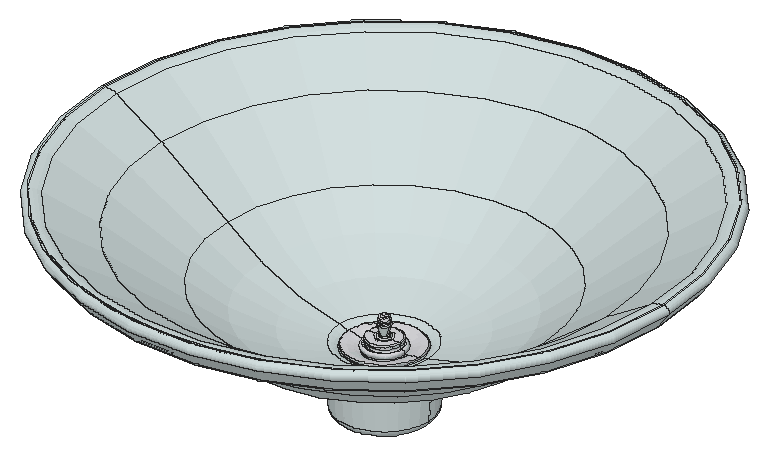
Revit family "Sink-Vessel-Lavatory-KOHLER-DERRING_CARILLON-K-17890BR_1", category Plumbing Fixtures, host Face, Revit 2017
Family settings
  Host = Face
  Round Connector Dimension = Use Diameter
  Part Type = Normal
  OmniClass Number = 23.31.13.00
  OmniClass Title = Sinks
  Cut with Voids When Loaded = No
  Shared = No
  Room Calculation Point = No
Parameters (values of type "K8-Translucent White")
  Width = 17 11/16"  # constant formula
  WaterSense Certified = 1 = 0  # no
  Waste Water Outlet = "Waste Water Outlet"  # constant formula
  Waste Connection = 1 = 1  # yes
  Vent Connection = 1 = 0  # no
  URL = "https://br.kohler.com/"
  Type = 1
  Product Page URL = "https://br.kohler.com/product-detail/17890br-rl?skuid=K-17890BR-RL-K8"
  Product Name = "DERRING CARILLON"  # constant formula
  Product Documentation Link = "http://resources.kohler.com/plumbing/kohlerbrazil/pdf/K-17890BR-RL_spec_br.pdf"
  Model = if(Type = 1, "K-17890BR-RL-K8", if(Type = 2, "K-17890BR-RL-RB2", "NA"))  # "K-17890BR-RL-K8"
  Material = "Vitreous China"  # constant formula
  Master Format 2014 Name = "Residential Lavatories and Sinks"  # constant formula
  Master Format 2014 = "22 41 16"  # constant formula
  Manufacturer Address = "Rio de Janeiro MULTIREPAROS RUA BATISTA DA COSTA, Nº 352 | STORE B\r\nRio de Janeiro\r\nSÃO GONÇALO\r\n24450-470"  # constant formula
  Manufacturer = "KOHLER Co."  # constant formula
  Length = 17 11/16"  # constant formula
  Hot Water Inlet = "Hot Water Inlet"  # constant formula
  Height = 6"  # constant formula
  HW Connection = 1 = 0  # no
  Finish = Kohler-Vitreous_China-K8-Translucent_White
  Environmental Product Declaration = ""
  Drain Included = 1 = 0  # no
  Description = "Oval overlay tub Ø449mm"  # constant formula
  Default Elevation = 36"
  Declare Label = ""
  Date Modified = "06/18/2021"  # constant formula
  Date Created = "06/18/2021"  # constant formula
  Copyright = "Copyright KOHLER Co."  # constant formula
  Contact Us = "https://br.kohler.com/asr-listing"
  Cold Water Inlet = "Cold Water Inlet"  # constant formula
  CW Connection = 1 = 0  # no
  Assembly Code = "D2010400"
  ADA Compliant = 1 = 0  # no
Reference planes (in)
  plane 1 "Center (Front/Back)": y = 0
  plane 2: z = 0
  plane 3 "Center (Left/Right)": x = 0
  plane 4: y = 8.84375
  plane 5: y = -8.84375
  plane 6: z = 0.75
  plane 7: x = -8.84375
  plane 8: x = 8.84375
  plane 9: z = -5.25
Forms (in)
  Extrusion 1, void
    sketch origin (0, 0, 0) x (1, 0, 0) y (0, 1, 0)
      loop
        circle (0, 0) r 8
    from -6.5513 to 0
Dimensions and locks (in)
  "Width": plane 7 to plane 8
  "Length": plane 4 to plane 5
  plane 6 to level = 3/4"
  "Height": plane 6 to plane 9
  aligned and locked: plane 2 to host face
  aligned and locked: level to host face
Automatic sketch dimensions
  host sketch curve to host sketch curve = 96"  (x2)
  plane 1 "Center (Front/Back)" to Extrusion 1 sketch curve = 0"
  Extrusion 1 sketch curve to plane 3 "Center (Left/Right)" = 0"
  radius of Extrusion 1 sketch curve = 8"
Nested families (in)
  nested 1: "K-17890BR" at (0, 0, -5.25), type "K-17890BR"
Connectors (in)
  piping at (0, 0, -5.25), diameter 1.5, driven by "Waste Connection", driven by "Waste Water Outlet"
    settings: on nested 1, index 1, connector inside diameter 24", connector length 0", flow factor 0, pipe flow 0 GPM, pressure drop 0.00 psi, fitting loss kfactor 0, connector angle 0.00°, fixture units 0, engagement length 0", angle of deflection 0.00°, flow configuration 0, flow direction 2, fitting loss method 0, system type 16, joint type 0, gender type 0, connector reference index -1, connector utility 1, adjustable connector no, is connector primary yes, connector description "Waste Water Outlet"
Definition of nested family "K-17890BR"
  Parameters (values of type "K-17890BR")
    Material = none
  Reference planes (in)
    plane 1 "Center (Front/Back)": y = 0
    plane 2: z = 0
    plane 3 "Center (Left/Right)": x = 0
    plane 4: y = 8.84375
    plane 5: y = -8.84375
    plane 6: x = -8.84375
    plane 7: x = 8.84375
    plane 8: z = 6
    plane 9: z = 5.25
    plane 10: z = 0
  Forms (in)
    Revolve 1, solid, material <- "Material", detail levels medium+fine
      sketch origin (0, 0, 0) x (1, 0, 0) y (0, 0, 1)
        loop
          line (-1.15439, 0) -> (-0.87514, 0) -> (-0.87514, 1.5577) -> (-1.12287, 1.80544)
          arc (-1.12287, 1.80544) -> (-1.24182, 1.89241) -> (-1.38155, 1.93922) r 0.48017
          arc (-1.38155, 1.93922) -> (-3.23618, 2.51892) -> (-4.87165, 3.5682) r 7.28614
          arc (-4.87165, 3.5682) -> (-5.86913, 4.35279) -> (-6.92283, 5.06007) r 16.84789
          arc (-6.92283, 5.06007) -> (-7.61804, 5.48628) -> (-8.31623, 5.90758) r 115.87003
          arc (-8.31623, 5.90758) -> (-8.47712, 5.97647) -> (-8.65054, 6) r 0.65087
          line (-8.65054, 6) -> (-8.68643, 6)
          arc (-8.68643, 6) -> (-8.82598, 5.91492) -> (-8.81427, 5.75191) r 0.15698
          line (-8.81427, 5.75191) -> (-8.53474, 5.35968)
          arc (-8.53474, 5.35968) -> (-8.49256, 5.32315) -> (-8.43833, 5.31) r 0.11839
          line (-8.43833, 5.31) -> (-8.40737, 5.31)
          arc (-8.40737, 5.31) -> (-8.36654, 5.30031) -> (-8.33442, 5.27331) r 0.09087
          arc (-8.33442, 5.27331) -> (-8.31402, 5.25615) -> (-8.28808, 5.25) r 0.05771
          line (-8.28808, 5.25) -> (-7.74182, 5.25)
          arc (-7.74182, 5.25) -> (-7.69945, 5.24273) -> (-7.66192, 5.22175) r 0.12714
          line (-7.66192, 5.22175) -> (-5.61604, 3.56862)
          arc (-5.61604, 3.56862) -> (-4.42031, 2.71325) -> (-3.13267, 2.00375) r 12.53702
          arc (-3.13267, 2.00375) -> (-2.42105, 1.72113) -> (-1.67808, 1.53596) r 5.7268
          arc (-1.67808, 1.53596) -> (-1.5319, 1.45536) -> (-1.46478, 1.30253) r 0.26019
          line (-1.46478, 1.30253) -> (-1.36794, 0.19568)
          arc (-1.36794, 0.19568) -> (-1.29921, 0.05632) -> (-1.15439, 0) r 0.21437
        axis (0, 6) -> (0, 0)
      angle from 0 to 360
    Revolve 2, solid, detail levels medium+fine
      sketch origin (0, 0, 0) x (1, 0, 0) y (0, 0, 1)
        loop
          line (-0.45518, 1.09574) -> (0, 1.09574) -> (0, 2.6628) -> (-0.11979, 2.6628)
          arc (-0.11979, 2.6628) -> (-0.13523, 2.65778) -> (-0.14478, 2.64464) r 0.02628
          line (-0.14478, 2.64464) -> (-0.16572, 2.58018)
          arc (-0.16572, 2.58018) -> (-0.16105, 2.54841) -> (-0.13293, 2.5329) r 0.03614
          line (-0.13293, 2.5329) -> (-0.13293, 2.49403) -> (-0.16558, 2.45512)
          arc (-0.16558, 2.45512) -> (-0.17281, 2.44029) -> (-0.17224, 2.4238) r 0.0341
          line (-0.17224, 2.4238) -> (-0.09251, 2.14576)
          arc (-0.09251, 2.14576) -> (-0.09636, 2.12498) -> (-0.11527, 2.11555) r 0.02368
          line (-0.11527, 2.11555) -> (-0.16649, 2.11555)
          arc (-0.16649, 2.11555) -> (-0.18284, 2.10857) -> (-0.18912, 2.09193) r 0.02265
          line (-0.18912, 2.09193) -> (-0.26403, 2.09193)
          arc (-0.26403, 2.09193) -> (-0.37379, 2.08963) -> (-0.48335, 2.08275) r 2.62413
          arc (-0.48335, 2.08275) -> (-0.49754, 2.07541) -> (-0.50236, 2.06017) r 0.02083
          line (-0.50236, 2.06017) -> (-0.49507, 1.97678)
          arc (-0.49507, 1.97678) -> (-0.46985, 1.94306) -> (-0.47987, 1.90217) r 0.04928
          line (-0.47987, 1.90217) -> (-0.53988, 1.90217)
          arc (-0.53988, 1.90217) -> (-0.60906, 1.833) -> (-0.53988, 1.76382) r 0.06917
          line (-0.53988, 1.76382) -> (-0.38329, 1.76382) -> (-0.38329, 1.12699) -> (-0.45518, 1.12699)
          arc (-0.45518, 1.12699) -> (-0.4714, 1.1333) -> (-0.4791, 1.14891) r 0.02401
          line (-0.4791, 1.14891) -> (-0.52025, 1.61922)
          arc (-0.52025, 1.61922) -> (-0.5348, 1.66503) -> (-0.56751, 1.70025) r 0.10994
          arc (-0.56751, 1.70025) -> (-0.81374, 1.8259) -> (-1.08401, 1.88393) r 1.06488
          arc (-1.08401, 1.88393) -> (-1.10228, 1.87448) -> (-1.10177, 1.85391) r 0.01939
          arc (-1.10177, 1.85391) -> (-0.83141, 1.79898) -> (-0.58521, 1.67449) r 1.03363
          arc (-0.58521, 1.67449) -> (-0.5618, 1.64928) -> (-0.55138, 1.6165) r 0.07869
          line (-0.55138, 1.6165) -> (-0.51023, 1.14619)
          arc (-0.51023, 1.14619) -> (-0.49251, 1.11026) -> (-0.45518, 1.09574) r 0.05526
        axis (0, 2.6628) -> (0, 1.09574)
      angle from 0 to 360
    Revolve 3, solid, material <- "Material", detail levels coarse
      sketch origin (0, 0, 0) x (1, 0, 0) y (0, 0, 1)
        loop
          line (8.84375, 6) -> (8.37043, 6)
          arc (8.37043, 6) -> (8.00609, 5.95031) -> (7.66836, 5.80488) r 1.36063
          line (7.66836, 5.80488) -> (1.14257, 1.87392) -> (0, 1.87392) -> (0, 0) -> (1.39683, 0) -> (1.39683, 1.53596) -> (1.67808, 1.53596) -> (7.84375, 5.25) -> (8.84375, 5.25) -> (8.84375, 6)
        axis (0, 0) -> (0, 6)
      angle from 0 to 360
  Lines and regions (in)
    Masking region 1
      outline origin (0, 0, 0) x (1, 0, 0) y (0, 0, 1)
        loop
          line (-1.12174, 0) -> (1.12174, 0)
          arc (1.12174, 0) -> (1.29064, 0.06568) -> (1.37079, 0.22821) r 0.25
          line (1.37079, 0.22821) -> (1.46478, 1.30253)
          arc (1.46478, 1.30253) -> (1.5319, 1.45536) -> (1.67808, 1.53596) r 0.26019
          arc (1.67808, 1.53596) -> (2.42105, 1.72113) -> (3.13267, 2.00375) r 5.7268
          arc (3.13267, 2.00375) -> (4.42031, 2.71325) -> (5.61604, 3.56862) r 12.53702
          line (5.61604, 3.56862) -> (7.66192, 5.22175)
          arc (7.66192, 5.22175) -> (7.69945, 5.24273) -> (7.74182, 5.25) r 0.12714
          line (7.74182, 5.25) -> (8.28808, 5.25)
          arc (8.28808, 5.25) -> (8.31402, 5.25615) -> (8.33442, 5.27331) r 0.05771
          arc (8.33442, 5.27331) -> (8.36654, 5.30031) -> (8.40737, 5.31) r 0.09087
          line (8.40737, 5.31) -> (8.43833, 5.31)
          arc (8.43833, 5.31) -> (8.49256, 5.32315) -> (8.53474, 5.35968) r 0.11839
          line (8.53474, 5.35968) -> (8.81427, 5.75191)
          arc (8.81427, 5.75191) -> (8.82598, 5.91492) -> (8.68643, 6) r 0.15698
          line (8.68643, 6) -> (-8.68643, 6)
          arc (-8.68643, 6) -> (-8.82598, 5.91492) -> (-8.81427, 5.75191) r 0.15698
          line (-8.81427, 5.75191) -> (-8.53474, 5.35968)
          arc (-8.53474, 5.35968) -> (-8.49256, 5.32315) -> (-8.43833, 5.31) r 0.11839
          line (-8.43833, 5.31) -> (-8.40737, 5.31)
          arc (-8.40737, 5.31) -> (-8.36654, 5.30031) -> (-8.33442, 5.27331) r 0.09087
          arc (-8.33442, 5.27331) -> (-8.31402, 5.25615) -> (-8.28808, 5.25) r 0.05771
          line (-8.28808, 5.25) -> (-7.74182, 5.25)
          arc (-7.74182, 5.25) -> (-7.69945, 5.24273) -> (-7.66192, 5.22175) r 0.12714
          line (-7.66192, 5.22175) -> (-5.61604, 3.56862)
          arc (-5.61604, 3.56862) -> (-4.42031, 2.71325) -> (-3.13267, 2.00375) r 12.53702
          arc (-3.13267, 2.00375) -> (-2.42105, 1.72113) -> (-1.67808, 1.53596) r 5.7268
          arc (-1.67808, 1.53596) -> (-1.5319, 1.45536) -> (-1.46478, 1.30253) r 0.26019
          line (-1.46478, 1.30253) -> (-1.37079, 0.22821)
          arc (-1.37079, 0.22821) -> (-1.29064, 0.06568) -> (-1.12174, 0) r 0.25
    Masking region 2
      outline origin (0, 0, 0) x (0, 1, 0) y (0, 0, 1)
        loop
          arc (1.12174, 0) -> (1.29064, 0.06568) -> (1.37079, 0.22821) r 0.25
          line (1.37079, 0.22821) -> (1.46478, 1.30253)
          arc (1.46478, 1.30253) -> (1.5319, 1.45536) -> (1.67808, 1.53596) r 0.26019
          arc (1.67808, 1.53596) -> (2.42105, 1.72113) -> (3.13267, 2.00375) r 5.7268
          arc (3.13267, 2.00375) -> (4.42031, 2.71325) -> (5.61604, 3.56862) r 12.53702
          line (5.61604, 3.56862) -> (7.66192, 5.22175)
          arc (7.66192, 5.22175) -> (7.69945, 5.24273) -> (7.74182, 5.25) r 0.12714
          line (7.74182, 5.25) -> (8.28808, 5.25)
          arc (8.28808, 5.25) -> (8.31402, 5.25615) -> (8.33442, 5.27331) r 0.05771
          arc (8.33442, 5.27331) -> (8.36654, 5.30031) -> (8.40737, 5.31) r 0.09087
          line (8.40737, 5.31) -> (8.43833, 5.31)
          arc (8.43833, 5.31) -> (8.49256, 5.32315) -> (8.53474, 5.35968) r 0.11839
          line (8.53474, 5.35968) -> (8.81427, 5.75191)
          arc (8.81427, 5.75191) -> (8.82598, 5.91492) -> (8.68643, 6) r 0.15698
          line (8.68643, 6) -> (-8.68643, 6)
          arc (-8.68643, 6) -> (-8.82598, 5.91492) -> (-8.81427, 5.75191) r 0.15698
          line (-8.81427, 5.75191) -> (-8.53474, 5.35968)
          arc (-8.53474, 5.35968) -> (-8.49256, 5.32315) -> (-8.43833, 5.31) r 0.11839
          line (-8.43833, 5.31) -> (-8.40737, 5.31)
          arc (-8.40737, 5.31) -> (-8.36654, 5.30031) -> (-8.33442, 5.27331) r 0.09087
          arc (-8.33442, 5.27331) -> (-8.31402, 5.25615) -> (-8.28808, 5.25) r 0.05771
          line (-8.28808, 5.25) -> (-7.74182, 5.25)
          arc (-7.74182, 5.25) -> (-7.69945, 5.24273) -> (-7.66192, 5.22175) r 0.12714
          line (-7.66192, 5.22175) -> (-5.61604, 3.56862)
          arc (-5.61604, 3.56862) -> (-4.42031, 2.71325) -> (-3.13267, 2.00375) r 12.53702
          arc (-3.13267, 2.00375) -> (-2.42105, 1.72113) -> (-1.67808, 1.53596) r 5.7268
          arc (-1.67808, 1.53596) -> (-1.5319, 1.45536) -> (-1.46478, 1.30253) r 0.26019
          line (-1.46478, 1.30253) -> (-1.37079, 0.22821)
          arc (-1.37079, 0.22821) -> (-1.29064, 0.06568) -> (-1.12174, 0) r 0.25
          line (-1.12174, 0) -> (1.12174, 0)
    Masking region 3
      outline origin (0, 0, 0) x (1, 0, 0) y (0, 1, 0)
        loop
          circle (0, 0) r 8.84375
    symbolic lines, detail levels medium+fine
      curve 1: line (-7.74182, 0, 5.25) -> (7.74182, 0, 5.25)
      curve 2: line (8.40737, 0, 5.31) -> (-8.40737, 0, 5.31)
      curve 3: line (-1.67808, 0, 1.53596) -> (1.67808, 0, 1.53596)
      curve 4: line (0, 8.40737, 5.31) -> (0, -8.40737, 5.31)
      curve 5: line (0, -7.74182, 5.25) -> (0, 7.74182, 5.25)
      curve 6: line (0, 1.67808, 1.53596) -> (0, -1.67808, 1.53596)
      curve 7: circle (0, 0, 0) r 0.18359 normal (0, 0, 1)
      curve 8: circle (0, 0, 0) r 0.5 normal (0, 0, 1)
      curve 10: circle (0, 0, 0) r 0.60796 normal (0, 0, 1)
      curve 11: circle (0, 0, 0) r 1.41854 normal (0, 0, 1)
      curve 12: circle (0, 0, 0) r 1.67355 normal (0, 0, 1)
      curve 13: circle (0, 0, 0) r 3.5 normal (0, 0, 1)
      curve 14: circle (0, 0, 0) r 4.58081 normal (0, 0, 1)
      curve 15: circle (0, 0, 0) r 6.12475 normal (0, 0, 1)
      curve 16: circle (0, 0, 0) r 7.25 normal (0, 0, 1)
      curve 17: circle (0, 0, 0) r 5.25 normal (0, 0, 1)
      curve 18: circle (0, 0, 0) r 8.60132 normal (0, 0, 1)
      curve 19: line (-0.60002, 8.58037, 0) -> (-0.41313, 7.25055, 0)
      curve 20: line (0, 8.60132, 0) -> (-0.07001, 7.26553, 0)
      curve 21: line (-0.60002, 8.58037, 0) -> (-0.60002, 7.26076, 0)
      curve 22: line (-1.20687, 8.51623, 0) -> (-0.93259, 7.22581, 0)
      curve 23: line (-1.20687, 8.51623, 0) -> (-1.11353, 7.18141, 0)
      curve 24: line (-1.78035, 8.41505, 0) -> (-1.41154, 7.12886, 0)
      curve 25: line (-1.78035, 8.41505, 0) -> (-1.59362, 7.08643, 0)
      curve 26: line (-2.36559, 8.26963, 0) -> (-1.90655, 7.00841, 0)
      curve 27: line (-2.36559, 8.26963, 0) -> (-2.08457, 6.94752, 0)
      curve 28: line (-2.94282, 8.08224, 0) -> (-2.393, 6.84731, 0)
      curve 29: line (-2.94282, 8.08224, 0) -> (-2.57328, 6.7935, 0)
      curve 30: line (-3.49395, 7.85971, 0) -> (-2.8876, 6.66969, 0)
      curve 31: line (-3.49395, 7.85971, 0) -> (-3.04812, 6.56493, 0)
      curve 32: line (-4.02848, 7.59961, 0) -> (-3.30529, 6.44227, 0)
      curve 33: line (-4.02848, 7.59961, 0) -> (-3.49129, 6.39308, 0)
      curve 34: line (-4.56175, 7.292, 0) -> (-3.78531, 6.22333, 0)
      curve 35: line (-4.56175, 7.292, 0) -> (-3.92446, 6.09343, 0)
      curve 36: line (-5.0521, 6.96125, 0) -> (-4.17954, 5.92137, 0)
      curve 37: line (-5.0521, 6.96125, 0) -> (-4.34006, 5.82175, 0)
      curve 38: line (-5.52853, 6.58924, 0) -> (-4.57453, 5.63524, 0)
      curve 39: line (-5.52853, 6.58924, 0) -> (-4.73331, 5.49471, 0)
      curve 40: line (-5.97094, 6.19117, 0) -> (-4.96538, 5.28576, 0)
      curve 41: line (-5.97094, 6.19117, 0) -> (-5.10092, 5.15431, 0)
      curve 42: line (-6.38713, 5.76084, 0) -> (-5.32019, 4.92726, 0)
      curve 43: line (-6.38713, 5.76084, 0) -> (-5.45779, 4.83151, 0)
      curve 44: line (-6.78298, 5.28903, 0) -> (-5.68895, 4.5511, 0)
      curve 45: line (-6.78298, 5.28903, 0) -> (-5.74977, 4.35872, 0)
      curve 46: line (-7.12883, 4.81275, 0) -> (-5.9249, 4.11766, 0)
      curve 47: line (-7.12883, 4.81275, 0) -> (-6.05341, 4.00236, 0)
      curve 48: line (-7.44851, 4.30145, 0) -> (-6.23332, 3.70876, 0)
      curve 49: line (-7.44851, 4.30145, 0) -> (-6.31207, 3.56343, 0)
      curve 50: line (-7.73214, 3.76786, 0) -> (-6.47092, 3.25829, 0)
      curve 51: line (-7.73214, 3.76786, 0) -> (-6.52784, 3.07256, 0)
      curve 52: line (-7.97213, 3.22922, 0) -> (-6.64944, 2.79945, 0)
      curve 53: line (-7.97213, 3.22922, 0) -> (-6.75956, 2.63781, 0)
      curve 54: line (-8.18058, 2.65724, 0) -> (-6.8713, 2.3308, 0)
      curve 55: line (-8.18058, 2.65724, 0) -> (-6.90785, 2.14302, 0)
      curve 56: line (-8.34839, 2.07055, 0) -> (-6.99696, 1.83225, 0)
      curve 57: line (-8.34839, 2.07055, 0) -> (-7.06439, 1.67799, 0)
      curve 58: line (-8.46785, 1.50938, 0) -> (-7.13501, 1.34572, 0)
      curve 59: line (-8.46785, 1.50938, 0) -> (-7.15483, 1.15755, 0)
      curve 60: line (-8.5543, 0.89816, 0) -> (-7.2071, 0.82756, 0)
      curve 61: line (-8.5543, 0.89816, 0) -> (-7.2233, 0.63944, 0)
      curve 62: line (-8.5962, 0.29677, 0) -> (-7.2423, 0.36772, 0)
      curve 63: line (-8.5962, 0.29677, 0) -> (-7.2489, 0.15516, 0)
      curve 64: arc (-0.41313, 7.25055, 0) -> (-0.23476, 7.10221, 0) -> (-0.07001, 7.26553, 0) r 0.17252
      curve 65: arc (-0.93259, 7.22581, 0) -> (-0.75057, 7.09356, 0) -> (-0.60002, 7.26076, 0) r 0.16812
      curve 66: arc (-1.41154, 7.12886, 0) -> (-1.23888, 7.02098, 0) -> (-1.11353, 7.18141, 0) r 0.15213
      curve 67: arc (-1.90655, 7.00841, 0) -> (-1.71496, 6.90654, 0) -> (-1.59362, 7.08643, 0) r 0.16214
      curve 68: arc (-2.393, 6.84731, 0) -> (-2.19367, 6.75856, 0) -> (-2.08457, 6.94752, 0) r 0.16304
      curve 69: arc (-2.8876, 6.66969, 0) -> (-2.67421, 6.58884, 0) -> (-2.57328, 6.7935, 0) r 0.16969
      curve 70: arc (-3.30529, 6.44227, 0) -> (-3.12196, 6.38883, 0) -> (-3.04812, 6.56493, 0) r 0.14338
      curve 71: arc (-3.78531, 6.22333, 0) -> (-3.56188, 6.17584, 0) -> (-3.49129, 6.39308, 0) r 0.17069
      curve 72: arc (-4.17954, 5.92137, 0) -> (-3.97454, 5.89256, 0) -> (-3.92446, 6.09343, 0) r 0.15469
      curve 73: arc (-4.57453, 5.63524, 0) -> (-4.37407, 5.62386, 0) -> (-4.34006, 5.82175, 0) r 0.15077
      curve 74: arc (-4.96538, 5.28576, 0) -> (-4.75527, 5.28576, 0) -> (-4.73331, 5.49471, 0) r 0.157
      curve 75: arc (-5.32019, 4.92726, 0) -> (-5.10833, 4.94207, 0) -> (-5.10092, 5.15431, 0) r 0.15869
      curve 76: arc (-5.45779, 4.83151, 0) -> (-5.44602, 4.58632, 0) -> (-5.68895, 4.5511, 0) r 0.18254
      curve 77: arc (-5.74977, 4.35872, 0) -> (-5.72881, 4.15934, 0) -> (-5.9249, 4.11766, 0) r 0.1498
      curve 78: arc (-6.05341, 4.00236, 0) -> (-6.01002, 3.77385, 0) -> (-6.23332, 3.70876, 0) r 0.17297
      curve 79: arc (-6.31207, 3.56343, 0) -> (-6.25291, 3.33872, 0) -> (-6.47092, 3.25829, 0) r 0.1728
      curve 80: arc (-6.52784, 3.07256, 0) -> (-6.46569, 2.88126, 0) -> (-6.64944, 2.79945, 0) r 0.1503
      curve 81: arc (-6.75956, 2.63781, 0) -> (-6.67721, 2.434, 0) -> (-6.8713, 2.3308, 0) r 0.16426
      curve 82: arc (-6.90785, 2.14302, 0) -> (-6.81249, 1.94752, 0) -> (-6.99696, 1.83225, 0) r 0.16254
      curve 83: arc (-7.06439, 1.67799, 0) -> (-6.94747, 1.4795, 0) -> (-7.13501, 1.34572, 0) r 0.17049
      curve 84: arc (-7.15483, 1.15755, 0) -> (-7.0324, 0.96902, 0) -> (-7.2071, 0.82756, 0) r 0.16798
      curve 85: arc (-7.2233, 0.63944, 0) -> (-7.1126, 0.49518, 0) -> (-7.2423, 0.36772, 0) r 0.13721
      curve 86: line (-0.23476, 7.10221, 0) -> (-0.28669, 6.1114, 0)
      curve 87: line (-0.75057, 7.09356, 0) -> (-0.57428, 6.09381, 0)
      curve 88: line (-1.23888, 7.02098, 0) -> (-1.00525, 6.08393, 0)
      curve 89: line (-0.75057, 7.09356, 0) -> (-0.71673, 6.12448, 0)
      curve 90: line (-1.23888, 7.02098, 0) -> (-1.13176, 6.00175, 0)
      curve 91: line (-1.71496, 6.90654, 0) -> (-1.42038, 5.94303, 0)
      curve 92: line (-1.71496, 6.90654, 0) -> (-1.53799, 5.90288, 0)
      curve 93: line (-2.19367, 6.75856, 0) -> (-1.81577, 5.82323, 0)
      curve 94: line (-2.19367, 6.75856, 0) -> (-1.95165, 5.78789, 0)
      curve 95: line (-2.67421, 6.58884, 0) -> (-2.21579, 5.68913, 0)
      curve 96: line (-2.67421, 6.58884, 0) -> (-2.36387, 5.68753, 0)
      curve 97: line (-3.12196, 6.38883, 0) -> (-2.64349, 5.5601, 0)
      curve 98: line (-3.12196, 6.38883, 0) -> (-2.76486, 5.50496, 0)
      curve 99: line (-3.56188, 6.17584, 0) -> (-3.01843, 5.37014, 0)
      curve 100: line (-3.56188, 6.17584, 0) -> (-3.12128, 5.27247, 0)
      curve 101: line (-3.97454, 5.89256, 0) -> (-3.36909, 5.11762, 0)
      curve 102: line (-3.97454, 5.89256, 0) -> (-3.4896, 5.05262, 0)
      curve 103: line (-4.37407, 5.62386, 0) -> (-3.72903, 4.88183, 0)
      curve 104: line (-4.37407, 5.62386, 0) -> (-3.81689, 4.76588, 0)
      curve 105: line (-4.75527, 5.28576, 0) -> (-4.04814, 4.57862, 0)
      curve 106: line (-4.75527, 5.28576, 0) -> (-4.15679, 4.51973, 0)
      curve 107: line (-5.10833, 4.94207, 0) -> (-4.37943, 4.30845, 0)
      curve 108: line (-5.10833, 4.94207, 0) -> (-4.45133, 4.18628, 0)
      curve 109: line (-5.44602, 4.58632, 0) -> (-4.62881, 3.99259, 0)
      curve 110: line (-5.44602, 4.58632, 0) -> (-4.72376, 3.86406, 0)
      curve 111: line (-5.72881, 4.15934, 0) -> (-4.88785, 3.65404, 0)
      curve 112: line (-5.72881, 4.15934, 0) -> (-4.97778, 3.52916, 0)
      curve 113: line (-6.01002, 3.77385, 0) -> (-5.12878, 3.30529, 0)
      curve 114: line (-6.01002, 3.77385, 0) -> (-5.23106, 3.18686, 0)
      curve 115: line (-6.25291, 3.33872, 0) -> (-5.3725, 2.94674, 0)
      curve 116: line (-6.25291, 3.33872, 0) -> (-5.45681, 2.82173, 0)
      curve 117: line (-6.46569, 2.88126, 0) -> (-5.58665, 2.56132, 0)
      curve 118: line (-6.46569, 2.88126, 0) -> (-5.62144, 2.41329, 0)
      curve 119: line (-6.67721, 2.434, 0) -> (-5.71703, 2.17672, 0)
      curve 120: line (-6.67721, 2.434, 0) -> (-5.76583, 2.00901, 0)
      curve 121: line (-6.81249, 1.94752, 0) -> (-5.8468, 1.75981, 0)
      curve 122: line (-6.81249, 1.94752, 0) -> (-5.88933, 1.61151, 0)
      curve 123: line (-6.94747, 1.4795, 0) -> (-5.95695, 1.34029, 0)
      curve 124: line (-6.94747, 1.4795, 0) -> (-6.02232, 1.21422, 0)
      curve 125: line (-7.0324, 0.96902, 0) -> (-6.07177, 0.91868, 0)
      curve 126: line (-7.0324, 0.96902, 0) -> (-6.11169, 0.79006, 0)
      curve 127: line (-7.1126, 0.49518, 0) -> (-6.13407, 0.35765, 0)
      curve 128: line (-7.1126, 0.49518, 0) -> (-6.14009, 0.49518, 0)
      curve 129: arc (-6.11169, 0.79006, 0) -> (-5.99196, 0.62972, 0) -> (-6.14009, 0.49518, 0) r 0.14881
      curve 130: arc (-6.07177, 0.91868, 0) -> (-5.91516, 1.04438, 0) -> (-6.02232, 1.21422, 0) r 0.15079
      curve 131: arc (-5.95695, 1.34029, 0) -> (-5.80103, 1.44546, 0) -> (-5.88933, 1.61151, 0) r 0.14053
      curve 132: arc (-5.76583, 2.00901, 0) -> (-5.69608, 1.84859, 0) -> (-5.8468, 1.75981, 0) r 0.132
      curve 133: arc (-5.71703, 2.17672, 0) -> (-5.56458, 2.25272, 0) -> (-5.62144, 2.41329, 0) r 0.12854
      curve 134: arc (-5.58665, 2.56132, 0) -> (-5.40552, 2.63358, 0) -> (-5.45681, 2.82173, 0) r 0.14643
      curve 135: arc (-5.3725, 2.94674, 0) -> (-5.19462, 3.00368, 0) -> (-5.23106, 3.18686, 0) r 0.14024
      curve 136: arc (-5.12878, 3.30529, 0) -> (-4.9525, 3.34924, 0) -> (-4.97778, 3.52916, 0) r 0.13576
      curve 137: arc (-4.88785, 3.65404, 0) -> (-4.7129, 3.68647, 0) -> (-4.72376, 3.86406, 0) r 0.13426
      curve 138: arc (-4.62881, 3.99259, 0) -> (-4.45363, 4.01023, 0) -> (-4.45133, 4.18628, 0) r 0.13221
      curve 139: arc (-4.37943, 4.30845, 0) -> (-4.17215, 4.31297, 0) -> (-4.15679, 4.51973, 0) r 0.15418
      curve 140: arc (-3.72903, 4.88183, 0) -> (-3.53175, 4.85848, 0) -> (-3.4896, 5.05262, 0) r 0.14773
      curve 141: arc (-4.04814, 4.57862, 0) -> (-3.84821, 4.56814, 0) -> (-3.81689, 4.76588, 0) r 0.1496
      curve 142: arc (-3.36909, 5.11762, 0) -> (-3.17547, 5.08348, 0) -> (-3.12128, 5.27247, 0) r 0.14691
      curve 143: arc (-3.01843, 5.37014, 0) -> (-2.83094, 5.32339, 0) -> (-2.76486, 5.50496, 0) r 0.14439
      curve 144: arc (-2.64349, 5.5601, 0) -> (-2.4458, 5.49682, 0) -> (-2.36387, 5.68753, 0) r 0.15436
      curve 145: arc (-2.21579, 5.68913, 0) -> (-2.03965, 5.62064, 0) -> (-1.95165, 5.78789, 0) r 0.14191
      curve 146: arc (-1.81577, 5.82323, 0) -> (-1.64102, 5.738, 0) -> (-1.53799, 5.90288, 0) r 0.14528
      curve 147: arc (-1.42038, 5.94303, 0) -> (-1.2494, 5.84131, 0) -> (-1.13176, 6.00175, 0) r 0.14795
      curve 148: arc (-1.00525, 6.08393, 0) -> (-0.84273, 5.97431, 0) -> (-0.71673, 6.12448, 0) r 0.14648
      curve 149: arc (-0.57428, 6.09381, 0) -> (-0.42264, 5.97426, 0) -> (-0.28669, 6.1114, 0) r 0.145
      curve 150: line (-0.42264, 5.97426, 0) -> (-0.42264, 5.23842, 0)
      curve 151: line (-0.84273, 5.97431, 0) -> (-0.66643, 5.21065, 0)
      curve 152: line (-0.84273, 5.97431, 0) -> (-0.78717, 5.17977, 0)
      curve 153: line (-1.2494, 5.84131, 0) -> (-1.03321, 5.13417, 0)
      curve 154: line (-1.2494, 5.84131, 0) -> (-1.14079, 5.15557, 0)
      curve 155: line (-1.64102, 5.738, 0) -> (-1.40423, 5.08744, 0)
      curve 156: line (-1.64102, 5.738, 0) -> (-1.50866, 5.0571, 0)
      curve 157: line (-2.03965, 5.62064, 0) -> (-1.7984, 4.97539, 0)
      curve 158: line (-2.03965, 5.62064, 0) -> (-1.83819, 4.86878, 0)
      curve 159: line (-2.4458, 5.49682, 0) -> (-2.05019, 4.78312, 0)
      curve 160: line (-2.4458, 5.49682, 0) -> (-2.18493, 4.73919, 0)
      curve 161: line (-2.83094, 5.32339, 0) -> (-2.38742, 4.64043, 0)
      curve 162: line (-2.83094, 5.32339, 0) -> (-2.51242, 4.60797, 0)
      curve 163: line (-3.17547, 5.08348, 0) -> (-2.74885, 4.47421, 0)
      curve 164: line (-3.17547, 5.08348, 0) -> (-2.81599, 4.40739, 0)
      curve 165: line (-3.53175, 4.85848, 0) -> (-3.01858, 4.26815, 0)
      curve 166: line (-3.53175, 4.85848, 0) -> (-3.12522, 4.2079, 0)
      curve 167: line (-3.84821, 4.56814, 0) -> (-3.32725, 4.04719, 0)
      curve 168: line (-3.84821, 4.56814, 0) -> (-3.41866, 3.99811, 0)
      curve 169: line (-4.17215, 4.31297, 0) -> (-3.60744, 3.82207, 0)
      curve 170: line (-4.17215, 4.31297, 0) -> (-3.69161, 3.74029, 0)
      curve 171: line (-4.45363, 4.01023, 0) -> (-3.85998, 3.56287, 0)
      curve 172: line (-4.45363, 4.01023, 0) -> (-3.9187, 3.47529, 0)
      curve 173: line (-4.7129, 3.68647, 0) -> (-4.08034, 3.27568, 0)
      curve 174: line (-4.7129, 3.68647, 0) -> (-4.15236, 3.18175, 0)
      curve 175: line (-4.9525, 3.34924, 0) -> (-4.30308, 2.9743, 0)
      curve 176: line (-4.9525, 3.34924, 0) -> (-4.36463, 2.8732, 0)
      curve 177: line (-5.19462, 3.00368, 0) -> (-4.49797, 2.6639, 0)
      curve 178: line (-5.19462, 3.00368, 0) -> (-4.56426, 2.56229, 0)
      curve 179: line (-5.40552, 2.63358, 0) -> (-4.67538, 2.35331, 0)
      curve 180: line (-5.40552, 2.63358, 0) -> (-4.75789, 2.25967, 0)
      curve 181: line (-5.56458, 2.25272, 0) -> (-4.86254, 2.02462, 0)
      curve 182: line (-5.56458, 2.25272, 0) -> (-4.88814, 1.90805, 0)
      curve 183: line (-5.69608, 1.84859, 0) -> (-4.98418, 1.65784, 0)
      curve 184: line (-5.69608, 1.84859, 0) -> (-4.99936, 1.5671, 0)
      curve 185: line (-5.80103, 1.44546, 0) -> (-5.07115, 1.31676, 0)
      curve 186: line (-5.80103, 1.44546, 0) -> (-5.08184, 1.21178, 0)
      curve 187: line (-5.91516, 1.04438, 0) -> (-5.12987, 0.97567, 0)
      curve 188: line (-5.91516, 1.04438, 0) -> (-5.17629, 0.86016, 0)
      curve 189: line (-5.99196, 0.62972, 0) -> (-5.2125, 0.6025, 0)
      curve 190: line (-5.99196, 0.62972, 0) -> (-5.22767, 0.49496, 0)
      curve 191: arc (-5.2125, 0.6025, 0) -> (-5.0784, 0.71503, 0) -> (-5.17629, 0.86016, 0) r 0.13081
      curve 192: arc (-5.12987, 0.97567, 0) -> (-5.00049, 1.07229, 0) -> (-5.08184, 1.21178, 0) r 0.12125
      curve 193: arc (-4.99936, 1.5671, 0) -> (-4.92255, 1.40961, 0) -> (-5.07115, 1.31676, 0) r 0.13093
      curve 194: arc (-4.98418, 1.65784, 0) -> (-4.82351, 1.73971, 0) -> (-4.88814, 1.90805, 0) r 0.13475
      curve 195: arc (-4.86254, 2.02462, 0) -> (-4.70439, 2.09503, 0) -> (-4.75789, 2.25967, 0) r 0.12936
      curve 196: arc (-4.67538, 2.35331, 0) -> (-4.52737, 2.40865, 0) -> (-4.56426, 2.56229, 0) r 0.11923
      curve 197: arc (-4.36463, 2.8732, 0) -> (-4.3379, 2.70904, 0) -> (-4.49797, 2.6639, 0) r 0.12488
      curve 198: arc (-4.15236, 3.18175, 0) -> (-4.13432, 3.01017, 0) -> (-4.30308, 2.9743, 0) r 0.12892
      curve 199: arc (-4.08034, 3.27568, 0) -> (-3.90966, 3.30272, 0) -> (-3.9187, 3.47529, 0) r 0.12913
      curve 200: arc (-3.85998, 3.56287, 0) -> (-3.69662, 3.57645, 0) -> (-3.69161, 3.74029, 0) r 0.12308
      curve 201: arc (-3.60744, 3.82207, 0) -> (-3.43379, 3.8251, 0) -> (-3.41866, 3.99811, 0) r 0.12977
      curve 202: arc (-3.32725, 4.04719, 0) -> (-3.15452, 4.03738, 0) -> (-3.12522, 4.2079, 0) r 0.12991
      curve 203: arc (-3.01858, 4.26815, 0) -> (-2.85515, 4.24736, 0) -> (-2.81599, 4.40739, 0) r 0.12371
      curve 204: arc (-2.74885, 4.47421, 0) -> (-2.56988, 4.43371, 0) -> (-2.51242, 4.60797, 0) r 0.13645
      curve 205: arc (-2.38742, 4.64043, 0) -> (-2.24249, 4.60024, 0) -> (-2.18493, 4.73919, 0) r 0.11349
      curve 206: arc (-2.05019, 4.78312, 0) -> (-1.9063, 4.73216, 0) -> (-1.83819, 4.86878, 0) r 0.11519
      curve 207: arc (-1.7984, 4.97539, 0) -> (-1.61593, 4.88291, 0) -> (-1.50866, 5.0571, 0) r 0.15104
      curve 208: arc (-1.40423, 5.08744, 0) -> (-1.24157, 5.00186, 0) -> (-1.14079, 5.15557, 0) r 0.13668
      curve 209: arc (-1.03321, 5.13417, 0) -> (-0.88984, 5.04717, 0) -> (-0.78717, 5.17977, 0) r 0.12592
      curve 210: arc (-0.66643, 5.21065, 0) -> (-0.53214, 5.11574, 0) -> (-0.42264, 5.23842, 0) r 0.12348
      curve 211: line (-0.42264, 5.97426, 0) -> (-0.29262, 5.23688, 0)
      curve 212: line (-0.53214, 5.11574, 0) -> (-0.42376, 4.55819, 0)
      curve 213: line (-0.53214, 5.11574, 0) -> (-0.53214, 4.52057, 0)
      curve 214: line (-0.88984, 5.04717, 0) -> (-0.75182, 4.49359, 0)
      curve 215: line (-0.88984, 5.04717, 0) -> (-0.84027, 4.48064, 0)
      curve 216: line (-1.24157, 5.00186, 0) -> (-1.04697, 4.43671, 0)
      curve 217: line (-1.24157, 5.00186, 0) -> (-1.14074, 4.43005, 0)
      curve 218: line (-1.61593, 4.88291, 0) -> (-1.36026, 4.35872, 0)
      curve 219: line (-1.61593, 4.88291, 0) -> (-1.46375, 4.35221, 0)
      curve 220: line (-1.9063, 4.73216, 0) -> (-1.68972, 4.26772, 0)
      curve 221: line (-1.9063, 4.73216, 0) -> (-1.76, 4.22195, 0)
      curve 222: line (-2.24249, 4.60024, 0) -> (-1.9721, 4.13191, 0)
      curve 223: line (-2.24249, 4.60024, 0) -> (-2.03439, 4.05811, 0)
      curve 224: line (-2.56988, 4.43371, 0) -> (-2.23296, 3.95253, 0)
      curve 225: line (-2.56988, 4.43371, 0) -> (-2.31958, 3.9205, 0)
      curve 226: line (-2.85515, 4.24736, 0) -> (-2.50786, 3.80285, 0)
      curve 227: line (-2.85515, 4.24736, 0) -> (-2.5866, 3.7423, 0)
      curve 228: line (-3.15452, 4.03738, 0) -> (-2.77196, 3.61251, 0)
      curve 229: line (-3.15452, 4.03738, 0) -> (-2.84326, 3.59285, 0)
      curve 230: line (-3.43379, 3.8251, 0) -> (-3.03807, 3.42938, 0)
      curve 231: line (-3.43379, 3.8251, 0) -> (-3.08641, 3.36411, 0)
      curve 232: line (-3.69662, 3.57645, 0) -> (-3.25402, 3.20506, 0)
      curve 233: line (-3.69662, 3.57645, 0) -> (-3.31537, 3.13786, 0)
      curve 234: line (-3.90966, 3.30272, 0) -> (-3.48683, 2.96031, 0)
      curve 235: line (-3.90966, 3.30272, 0) -> (-3.52826, 2.92132, 0)
      curve 236: line (-4.13432, 3.01017, 0) -> (-3.68228, 2.7277, 0)
      curve 237: line (-4.13432, 3.01017, 0) -> (-3.72259, 2.65226, 0)
      curve 238: line (-4.52737, 2.40865, 0) -> (-4.02263, 2.18392, 0)
      curve 239: line (-4.3379, 2.70904, 0) -> (-3.85146, 2.46119, 0)
      curve 240: line (-4.3379, 2.70904, 0) -> (-3.90221, 2.3925, 0)
      curve 241: line (-4.52737, 2.40865, 0) -> (-4.07289, 2.12465, 0)
      curve 242: line (-4.70439, 2.09503, 0) -> (-4.17411, 1.91244, 0)
      curve 243: line (-4.70439, 2.09503, 0) -> (-4.20706, 1.83059, 0)
      curve 244: line (-4.82351, 1.73971, 0) -> (-4.29274, 1.60737, 0)
      curve 245: line (-4.82351, 1.73971, 0) -> (-4.31493, 1.52383, 0)
      curve 246: line (-4.92255, 1.40961, 0) -> (-4.38685, 1.29574, 0)
      curve 247: line (-4.92255, 1.40961, 0) -> (-4.42703, 1.22926, 0)
      curve 248: line (-5.00049, 1.07229, 0) -> (-4.48426, 0.99974, 0)
      curve 249: line (-5.00049, 1.07229, 0) -> (-4.49862, 0.91885, 0)
      curve 250: line (-5.0784, 0.71503, 0) -> (-4.54334, 0.67761, 0)
      curve 251: line (-5.0784, 0.71503, 0) -> (-4.54968, 0.59296, 0)
      curve 252: arc (-4.49862, 0.91885, 0) -> (-4.41332, 0.77828, 0) -> (-4.54334, 0.67761, 0) r 0.12347
      curve 253: arc (-4.48426, 0.99974, 0) -> (-4.35232, 1.08873, 0) -> (-4.42703, 1.22926, 0) r 0.11893
      curve 254: arc (-4.38685, 1.29574, 0) -> (-4.2473, 1.37712, 0) -> (-4.31493, 1.52383, 0) r 0.12013
      curve 255: arc (-4.29274, 1.60737, 0) -> (-4.15115, 1.68108, 0) -> (-4.20706, 1.83059, 0) r 0.12045
      curve 256: arc (-4.17411, 1.91244, 0) -> (-4.02879, 1.97337, 0) -> (-4.07289, 2.12465, 0) r 0.11832
      curve 257: arc (-4.02263, 2.18392, 0) -> (-3.86852, 2.234, 0) -> (-3.90221, 2.3925, 0) r 0.12108
      curve 258: arc (-3.85146, 2.46119, 0) -> (-3.70251, 2.49972, 0) -> (-3.72259, 2.65226, 0) r 0.1161
      curve 259: arc (-3.68228, 2.7277, 0) -> (-3.51886, 2.75578, 0) -> (-3.52826, 2.92132, 0) r 0.1245
      curve 260: arc (-3.48683, 2.96031, 0) -> (-3.31975, 2.97053, 0) -> (-3.31537, 3.13786, 0) r 0.12388
      curve 261: arc (-3.25402, 3.20506, 0) -> (-3.09923, 3.20979, 0) -> (-3.08641, 3.36411, 0) r 0.11628
      curve 262: arc (-3.03807, 3.42938, 0) -> (-2.86577, 3.42186, 0) -> (-2.84326, 3.59285, 0) r 0.12764
      curve 263: arc (-2.77196, 3.61251, 0) -> (-2.62187, 3.59541, 0) -> (-2.5866, 3.7423, 0) r 0.11399
      curve 264: arc (-2.50786, 3.80285, 0) -> (-2.36075, 3.77691, 0) -> (-2.31958, 3.9205, 0) r 0.11162
      curve 265: arc (-2.23296, 3.95253, 0) -> (-2.08697, 3.91748, 0) -> (-2.03439, 4.05811, 0) r 0.11329
      curve 266: arc (-1.9721, 4.13191, 0) -> (-1.82622, 4.0831, 0) -> (-1.76, 4.22195, 0) r 0.11608
      curve 267: arc (-1.68972, 4.26772, 0) -> (-1.53769, 4.20552, 0) -> (-1.46375, 4.35221, 0) r 0.121
      curve 268: arc (-1.36026, 4.35872, 0) -> (-1.2195, 4.29897, 0) -> (-1.14074, 4.43005, 0) r 0.11654
      curve 269: arc (-1.04697, 4.43671, 0) -> (-0.92419, 4.36724, 0) -> (-0.84027, 4.48064, 0) r 0.10645
      curve 270: arc (-0.75182, 4.49359, 0) -> (-0.63004, 4.4099, 0) -> (-0.53214, 4.52057, 0) r 0.1115
      curve 271: line (-0.63004, 4.4099, 0) -> (-0.63004, 3.57627, 0)
      curve 272: line (-0.63004, 3.57627, 0) -> (-0.91086, 4.371, 0)
      curve 273: line (-0.91086, 4.371, 0) -> (-0.86553, 3.50614, 0)
      curve 274: line (-0.86553, 3.50614, 0) -> (-1.20934, 4.30281, 0)
      curve 275: line (-1.20934, 4.30281, 0) -> (-1.11873, 3.44075, 0)
      curve 276: line (-1.11873, 3.44075, 0) -> (-1.52379, 4.21174, 0)
      curve 277: line (-1.52379, 4.21174, 0) -> (-1.35705, 3.35396, 0)
      curve 278: line (-1.35705, 3.35396, 0) -> (-1.81073, 4.0911, 0)
      curve 279: line (-1.81073, 4.0911, 0) -> (-1.58576, 3.2515, 0)
      curve 280: line (-1.58576, 3.2515, 0) -> (-2.07373, 3.92574, 0)
      curve 281: line (-2.07373, 3.92574, 0) -> (-1.81714, 3.13602, 0)
      curve 282: line (-1.81714, 3.13602, 0) -> (-2.34915, 3.78524, 0)
      curve 283: line (-2.34915, 3.78524, 0) -> (-2.01429, 2.99636, 0)
      curve 284: line (-2.01429, 2.99636, 0) -> (-2.61697, 3.59904, 0)
      curve 285: line (-2.61697, 3.59904, 0) -> (-2.23563, 2.85062, 0)
      curve 286: line (-2.23563, 2.85062, 0) -> (-2.85478, 3.43225, 0)
      curve 287: line (-2.85478, 3.43225, 0) -> (-2.42438, 2.68677, 0)
      curve 288: line (-2.42438, 2.68677, 0) -> (-3.08868, 3.22124, 0)
      curve 289: line (-3.08868, 3.22124, 0) -> (-2.59826, 2.52085, 0)
      curve 290: line (-2.59826, 2.52085, 0) -> (-3.30551, 2.98828, 0)
      curve 291: line (-3.30551, 2.98828, 0) -> (-2.76496, 2.32076, 0)
      curve 292: line (-2.76496, 2.32076, 0) -> (-3.50963, 2.76907, 0)
      curve 293: line (-3.50963, 2.76907, 0) -> (-2.92293, 2.11747, 0)
      curve 294: line (-2.92293, 2.11747, 0) -> (-3.69536, 2.51184, 0)
      curve 295: line (-3.69536, 2.51184, 0) -> (-3.06829, 1.88478, 0)
      curve 296: line (-3.06829, 1.88478, 0) -> (-3.86308, 2.2446, 0)
      curve 297: line (-3.86308, 2.2446, 0) -> (-3.19474, 1.70339, 0)
      curve 298: line (-3.19474, 1.70339, 0) -> (-4.0236, 1.98611, 0)
      curve 299: line (-4.0236, 1.98611, 0) -> (-3.29285, 1.47443, 0)
      curve 300: line (-3.29285, 1.47443, 0) -> (-4.14695, 1.69422, 0)
      curve 301: line (-4.14695, 1.69422, 0) -> (-3.39829, 1.2264, 0)
      curve 302: line (-3.39829, 1.2264, 0) -> (-4.24394, 1.39038, 0)
      curve 303: line (-4.24394, 1.39038, 0) -> (-3.46878, 0.99542, 0)
      curve 304: line (-3.46878, 0.99542, 0) -> (-4.34966, 1.10308, 0)
      curve 305: line (-4.34966, 1.10308, 0) -> (-3.54258, 0.74374, 0)
      curve 306: line (-3.54258, 0.74374, 0) -> (-4.41146, 0.79369, 0)
      curve 307: line (-4.41146, 0.79369, 0) -> (-3.55922, 0.50024, 0)
      curve 308: line (-3.55922, 0.50024, 0) -> (-4.46684, 0.50024, 0)
      curve 309: line (-3.55922, 0.50024, 0) -> (-1.76826, 0.24854, 0)
      curve 310: line (-1.76826, 0.24854, 0) -> (-3.54258, 0.74374, 0)
      curve 311: line (-3.54258, 0.74374, 0) -> (-1.70271, 0.48517, 0)
      curve 312: line (-1.70271, 0.48517, 0) -> (-3.46878, 0.99542, 0)
      curve 313: line (-3.46878, 0.99542, 0) -> (-1.65513, 0.60991, 0)
      curve 314: line (-1.65513, 0.60991, 0) -> (-3.39829, 1.2264, 0)
      curve 315: line (-3.39829, 1.2264, 0) -> (-1.6151, 0.71508, 0)
      curve 316: line (-1.6151, 0.71508, 0) -> (-3.29285, 1.47443, 0)
      curve 317: line (-3.29285, 1.47443, 0) -> (-1.6285, 0.93365, 0)
      curve 318: line (-1.6285, 0.93365, 0) -> (-3.19474, 1.70339, 0)
      curve 319: line (-3.19474, 1.70339, 0) -> (-1.50054, 1.01889, 0)
      curve 320: line (-1.50054, 1.01889, 0) -> (-3.06829, 1.88478, 0)
      curve 321: line (-3.06829, 1.88478, 0) -> (-1.48225, 1.1452, 0)
      curve 322: line (-1.48225, 1.1452, 0) -> (-2.92293, 2.11747, 0)
      curve 323: line (-2.92293, 2.11747, 0) -> (-1.39234, 1.26905, 0)
      curve 324: line (-1.39234, 1.26905, 0) -> (-2.76496, 2.32076, 0)
      curve 325: line (-2.76496, 2.32076, 0) -> (-1.38121, 1.42214, 0)
      curve 326: line (-1.38121, 1.42214, 0) -> (-2.59826, 2.52085, 0)
      curve 327: line (-2.59826, 2.52085, 0) -> (-1.21924, 1.44344, 0)
      curve 328: line (-1.21924, 1.44344, 0) -> (-2.45667, 2.68088, 0)
      curve 329: line (-2.42438, 2.68677, 0) -> (-1.15107, 1.5799, 0)
      curve 330: line (-1.15107, 1.5799, 0) -> (-2.23563, 2.85062, 0)
      curve 331: line (-2.23563, 2.85062, 0) -> (-1.04984, 1.66483, 0)
      curve 332: line (-1.04984, 1.66483, 0) -> (-2.01429, 2.99636, 0)
      curve 333: line (-2.01429, 2.99636, 0) -> (-0.97468, 1.7574, 0)
      curve 334: line (-0.97468, 1.7574, 0) -> (-1.81714, 3.13602, 0)
      curve 335: line (-1.81714, 3.13602, 0) -> (-0.86244, 1.77257, 0)
      curve 336: line (-0.86244, 1.77257, 0) -> (-1.58576, 3.2515, 0)
      curve 337: line (-1.58576, 3.2515, 0) -> (-0.73843, 1.84129, 0)
      curve 338: line (-0.73843, 1.84129, 0) -> (-1.35705, 3.35396, 0)
      curve 339: line (-1.35705, 3.35396, 0) -> (-0.56257, 1.79469, 0)
      curve 340: line (-0.56257, 1.79469, 0) -> (-1.11873, 3.44075, 0)
      curve 341: line (-1.11873, 3.44075, 0) -> (-0.48444, 1.94646, 0)
      curve 342: line (-0.48444, 1.94646, 0) -> (-0.86553, 3.50614, 0)
      curve 343: line (-0.86553, 3.50614, 0) -> (-0.34636, 1.99836, 0)
      curve 344: line (-0.34636, 1.99836, 0) -> (-0.63004, 3.57627, 0)
      curve 345: line (0.60002, 8.58037, 0) -> (0.41313, 7.25055, 0)
      curve 346: line (0, 8.60132, 0) -> (0.07001, 7.26553, 0)
      curve 347: line (0.60002, 8.58037, 0) -> (0.60002, 7.26076, 0)
      curve 348: line (1.20687, 8.51623, 0) -> (0.93259, 7.22581, 0)
      curve 349: line (1.20687, 8.51623, 0) -> (1.11353, 7.18141, 0)
      curve 350: line (1.78035, 8.41505, 0) -> (1.41154, 7.12886, 0)
      curve 351: line (1.78035, 8.41505, 0) -> (1.59362, 7.08643, 0)
      curve 352: line (2.36559, 8.26963, 0) -> (1.90655, 7.00841, 0)
      curve 353: line (2.36559, 8.26963, 0) -> (2.08457, 6.94752, 0)
      curve 354: line (2.94282, 8.08224, 0) -> (2.393, 6.84731, 0)
      curve 355: line (2.94282, 8.08224, 0) -> (2.57328, 6.7935, 0)
      curve 356: line (3.49395, 7.85971, 0) -> (2.8876, 6.66969, 0)
      curve 357: line (3.49395, 7.85971, 0) -> (3.04812, 6.56493, 0)
      curve 358: line (4.02848, 7.59961, 0) -> (3.30529, 6.44227, 0)
      curve 359: line (4.02848, 7.59961, 0) -> (3.49129, 6.39308, 0)
      curve 360: line (4.56175, 7.292, 0) -> (3.78531, 6.22333, 0)
      curve 361: line (4.56175, 7.292, 0) -> (3.92446, 6.09343, 0)
      curve 362: line (5.0521, 6.96125, 0) -> (4.17954, 5.92137, 0)
      curve 363: line (5.0521, 6.96125, 0) -> (4.34006, 5.82175, 0)
      curve 364: line (5.52853, 6.58924, 0) -> (4.57453, 5.63524, 0)
      curve 365: line (5.52853, 6.58924, 0) -> (4.73331, 5.49471, 0)
      curve 366: line (5.97094, 6.19117, 0) -> (4.96538, 5.28576, 0)
      curve 367: line (5.97094, 6.19117, 0) -> (5.10092, 5.15431, 0)
      curve 368: line (6.38713, 5.76084, 0) -> (5.32019, 4.92726, 0)
      curve 369: line (6.38713, 5.76084, 0) -> (5.45779, 4.83151, 0)
      curve 370: line (6.78298, 5.28903, 0) -> (5.68895, 4.5511, 0)
      curve 371: line (6.78298, 5.28903, 0) -> (5.74977, 4.35872, 0)
      curve 372: line (7.12883, 4.81275, 0) -> (5.9249, 4.11766, 0)
      curve 373: line (7.12883, 4.81275, 0) -> (6.05341, 4.00236, 0)
      curve 374: line (7.44851, 4.30145, 0) -> (6.23332, 3.70876, 0)
      curve 375: line (7.44851, 4.30145, 0) -> (6.31207, 3.56343, 0)
      curve 376: line (7.73214, 3.76786, 0) -> (6.47092, 3.25829, 0)
      curve 377: line (7.73214, 3.76786, 0) -> (6.52784, 3.07256, 0)
      curve 378: line (7.97213, 3.22922, 0) -> (6.64944, 2.79945, 0)
      curve 379: line (7.97213, 3.22922, 0) -> (6.75956, 2.63781, 0)
      curve 380: line (8.18058, 2.65724, 0) -> (6.8713, 2.3308, 0)
      curve 381: line (8.18058, 2.65724, 0) -> (6.90785, 2.14302, 0)
      curve 382: line (8.34839, 2.07055, 0) -> (6.99696, 1.83225, 0)
      curve 383: line (8.34839, 2.07055, 0) -> (7.06439, 1.67799, 0)
      curve 384: line (8.46785, 1.50938, 0) -> (7.13501, 1.34572, 0)
      curve 385: line (8.46785, 1.50938, 0) -> (7.15483, 1.15755, 0)
      curve 386: line (8.5543, 0.89816, 0) -> (7.2071, 0.82756, 0)
      curve 387: line (8.5543, 0.89816, 0) -> (7.2233, 0.63944, 0)
      curve 388: line (8.5962, 0.29677, 0) -> (7.2423, 0.36772, 0)
      curve 389: line (8.5962, 0.29677, 0) -> (7.24834, 0.1551, 0)
      curve 390: arc (0.41313, 7.25055, 0) -> (0.23476, 7.10221, 0) -> (0.07001, 7.26553, 0) r 0.17252
      curve 391: arc (0.93259, 7.22581, 0) -> (0.75057, 7.09356, 0) -> (0.60002, 7.26076, 0) r 0.16812
      curve 392: arc (1.41154, 7.12886, 0) -> (1.23888, 7.02098, 0) -> (1.11353, 7.18141, 0) r 0.15213
      curve 393: arc (1.90655, 7.00841, 0) -> (1.71496, 6.90654, 0) -> (1.59362, 7.08643, 0) r 0.16214
      curve 394: arc (2.393, 6.84731, 0) -> (2.19367, 6.75856, 0) -> (2.08457, 6.94752, 0) r 0.16304
      curve 395: arc (2.8876, 6.66969, 0) -> (2.67421, 6.58884, 0) -> (2.57328, 6.7935, 0) r 0.16969
      curve 396: arc (3.30529, 6.44227, 0) -> (3.12196, 6.38883, 0) -> (3.04812, 6.56493, 0) r 0.14338
      curve 397: arc (3.78531, 6.22333, 0) -> (3.56188, 6.17584, 0) -> (3.49129, 6.39308, 0) r 0.17069
      curve 398: arc (4.17954, 5.92137, 0) -> (3.97454, 5.89256, 0) -> (3.92446, 6.09343, 0) r 0.15469
      curve 399: arc (4.57453, 5.63524, 0) -> (4.37407, 5.62386, 0) -> (4.34006, 5.82175, 0) r 0.15077
      curve 400: arc (4.96538, 5.28576, 0) -> (4.75527, 5.28576, 0) -> (4.73331, 5.49471, 0) r 0.157
      curve 401: arc (5.32019, 4.92726, 0) -> (5.10833, 4.94207, 0) -> (5.10092, 5.15431, 0) r 0.15869
      curve 402: arc (5.45779, 4.83151, 0) -> (5.44602, 4.58632, 0) -> (5.68895, 4.5511, 0) r 0.18254
      curve 403: arc (5.74977, 4.35872, 0) -> (5.72881, 4.15934, 0) -> (5.9249, 4.11766, 0) r 0.1498
      curve 404: arc (6.05341, 4.00236, 0) -> (6.01002, 3.77385, 0) -> (6.23332, 3.70876, 0) r 0.17297
      curve 405: arc (6.31207, 3.56343, 0) -> (6.25291, 3.33872, 0) -> (6.47092, 3.25829, 0) r 0.1728
      curve 406: arc (6.52784, 3.07256, 0) -> (6.46569, 2.88126, 0) -> (6.64944, 2.79945, 0) r 0.1503
      curve 407: arc (6.75956, 2.63781, 0) -> (6.67721, 2.434, 0) -> (6.8713, 2.3308, 0) r 0.16426
      curve 408: arc (6.90785, 2.14302, 0) -> (6.81249, 1.94752, 0) -> (6.99696, 1.83225, 0) r 0.16254
      curve 409: arc (7.06439, 1.67799, 0) -> (6.94747, 1.4795, 0) -> (7.13501, 1.34572, 0) r 0.17049
      curve 410: arc (7.15483, 1.15755, 0) -> (7.0324, 0.96902, 0) -> (7.2071, 0.82756, 0) r 0.16798
      curve 411: arc (7.2233, 0.63944, 0) -> (7.1126, 0.49518, 0) -> (7.2423, 0.36772, 0) r 0.13721
      curve 412: line (0.23476, 7.10221, 0) -> (0.28669, 6.1114, 0)
      curve 413: line (0.75057, 7.09356, 0) -> (0.57428, 6.09381, 0)
      curve 414: line (1.23888, 7.02098, 0) -> (1.00525, 6.08393, 0)
      curve 415: line (0.75057, 7.09356, 0) -> (0.71673, 6.12448, 0)
      curve 416: line (1.23888, 7.02098, 0) -> (1.13176, 6.00175, 0)
      curve 417: line (1.71496, 6.90654, 0) -> (1.42038, 5.94303, 0)
      curve 418: line (1.71496, 6.90654, 0) -> (1.53799, 5.90288, 0)
      curve 419: line (2.19367, 6.75856, 0) -> (1.81577, 5.82323, 0)
      curve 420: line (2.19367, 6.75856, 0) -> (1.95165, 5.78789, 0)
      curve 421: line (2.67421, 6.58884, 0) -> (2.21579, 5.68913, 0)
      curve 422: line (2.67421, 6.58884, 0) -> (2.36387, 5.68753, 0)
      curve 423: line (3.12196, 6.38883, 0) -> (2.64349, 5.5601, 0)
      curve 424: line (3.12196, 6.38883, 0) -> (2.76486, 5.50496, 0)
      curve 425: line (3.56188, 6.17584, 0) -> (3.01843, 5.37014, 0)
      curve 426: line (3.56188, 6.17584, 0) -> (3.12128, 5.27247, 0)
      curve 427: line (3.97454, 5.89256, 0) -> (3.36909, 5.11762, 0)
      curve 428: line (3.97454, 5.89256, 0) -> (3.4896, 5.05262, 0)
      curve 429: line (4.37407, 5.62386, 0) -> (3.72903, 4.88183, 0)
      curve 430: line (4.37407, 5.62386, 0) -> (3.81689, 4.76588, 0)
      curve 431: line (4.75527, 5.28576, 0) -> (4.04814, 4.57862, 0)
      curve 432: line (4.75527, 5.28576, 0) -> (4.15679, 4.51973, 0)
      curve 433: line (5.10833, 4.94207, 0) -> (4.37943, 4.30845, 0)
      curve 434: line (5.10833, 4.94207, 0) -> (4.45133, 4.18628, 0)
      curve 435: line (5.44602, 4.58632, 0) -> (4.62881, 3.99259, 0)
      curve 436: line (5.44602, 4.58632, 0) -> (4.72376, 3.86406, 0)
      curve 437: line (5.72881, 4.15934, 0) -> (4.88785, 3.65404, 0)
      curve 438: line (5.72881, 4.15934, 0) -> (4.97778, 3.52916, 0)
      curve 439: line (6.01002, 3.77385, 0) -> (5.12878, 3.30529, 0)
      curve 440: line (6.01002, 3.77385, 0) -> (5.23106, 3.18686, 0)
      curve 441: line (6.25291, 3.33872, 0) -> (5.3725, 2.94674, 0)
      curve 442: line (6.25291, 3.33872, 0) -> (5.45681, 2.82173, 0)
      curve 443: line (6.46569, 2.88126, 0) -> (5.58665, 2.56132, 0)
      curve 444: line (6.46569, 2.88126, 0) -> (5.62144, 2.41329, 0)
      curve 445: line (6.67721, 2.434, 0) -> (5.71703, 2.17672, 0)
      curve 446: line (6.67721, 2.434, 0) -> (5.76583, 2.00901, 0)
      curve 447: line (6.81249, 1.94752, 0) -> (5.8468, 1.75981, 0)
      curve 448: line (6.81249, 1.94752, 0) -> (5.88933, 1.61151, 0)
      curve 449: line (6.94747, 1.4795, 0) -> (5.95695, 1.34029, 0)
      curve 450: line (6.94747, 1.4795, 0) -> (6.02232, 1.21422, 0)
      curve 451: line (7.0324, 0.96902, 0) -> (6.07177, 0.91868, 0)
      curve 452: line (7.0324, 0.96902, 0) -> (6.11169, 0.79006, 0)
      curve 453: line (7.1126, 0.49518, 0) -> (6.11446, 0.3549, 0)
      curve 454: line (7.1126, 0.49518, 0) -> (6.14009, 0.49518, 0)
      curve 455: arc (6.11169, 0.79006, 0) -> (5.99196, 0.62972, 0) -> (6.14009, 0.49518, 0) r 0.14881
      curve 456: arc (6.07177, 0.91868, 0) -> (5.91516, 1.04438, 0) -> (6.02232, 1.21422, 0) r 0.15079
      curve 457: arc (5.95695, 1.34029, 0) -> (5.80103, 1.44546, 0) -> (5.88933, 1.61151, 0) r 0.14053
      curve 458: arc (5.76583, 2.00901, 0) -> (5.69608, 1.84859, 0) -> (5.8468, 1.75981, 0) r 0.132
      curve 459: arc (5.71703, 2.17672, 0) -> (5.56458, 2.25272, 0) -> (5.62144, 2.41329, 0) r 0.12854
      curve 460: arc (5.58665, 2.56132, 0) -> (5.40552, 2.63358, 0) -> (5.45681, 2.82173, 0) r 0.14643
      curve 461: arc (5.3725, 2.94674, 0) -> (5.19462, 3.00368, 0) -> (5.23106, 3.18686, 0) r 0.14024
      curve 462: arc (5.12878, 3.30529, 0) -> (4.9525, 3.34924, 0) -> (4.97778, 3.52916, 0) r 0.13576
      curve 463: arc (4.88785, 3.65404, 0) -> (4.7129, 3.68647, 0) -> (4.72376, 3.86406, 0) r 0.13426
      curve 464: arc (4.62881, 3.99259, 0) -> (4.45363, 4.01023, 0) -> (4.45133, 4.18628, 0) r 0.13221
      curve 465: arc (4.37943, 4.30845, 0) -> (4.17215, 4.31297, 0) -> (4.15679, 4.51973, 0) r 0.15418
      curve 466: arc (3.72903, 4.88183, 0) -> (3.53175, 4.85848, 0) -> (3.4896, 5.05262, 0) r 0.14773
      curve 467: arc (4.04814, 4.57862, 0) -> (3.84821, 4.56814, 0) -> (3.81689, 4.76588, 0) r 0.1496
      curve 468: arc (3.36909, 5.11762, 0) -> (3.17547, 5.08348, 0) -> (3.12128, 5.27247, 0) r 0.14691
      curve 469: arc (3.01843, 5.37014, 0) -> (2.83094, 5.32339, 0) -> (2.76486, 5.50496, 0) r 0.14439
      curve 470: arc (2.64349, 5.5601, 0) -> (2.4458, 5.49682, 0) -> (2.36387, 5.68753, 0) r 0.15436
      curve 471: arc (2.21579, 5.68913, 0) -> (2.03965, 5.62064, 0) -> (1.95165, 5.78789, 0) r 0.14191
      curve 472: arc (1.81577, 5.82323, 0) -> (1.64102, 5.738, 0) -> (1.53799, 5.90288, 0) r 0.14528
      curve 473: arc (1.42038, 5.94303, 0) -> (1.2494, 5.84131, 0) -> (1.13176, 6.00175, 0) r 0.14795
      curve 474: arc (1.00525, 6.08393, 0) -> (0.84273, 5.97431, 0) -> (0.71673, 6.12448, 0) r 0.14648
      curve 475: arc (0.57428, 6.09381, 0) -> (0.42264, 5.97426, 0) -> (0.28669, 6.1114, 0) r 0.145
      curve 476: line (0.42264, 5.97426, 0) -> (0.42264, 5.23842, 0)
      curve 477: line (0.84273, 5.97431, 0) -> (0.66643, 5.21065, 0)
      curve 478: line (0.84273, 5.97431, 0) -> (0.78717, 5.17977, 0)
      curve 479: line (1.2494, 5.84131, 0) -> (1.03321, 5.13417, 0)
      curve 480: line (1.2494, 5.84131, 0) -> (1.14079, 5.15557, 0)
      curve 481: line (1.64102, 5.738, 0) -> (1.40423, 5.08744, 0)
      curve 482: line (1.64102, 5.738, 0) -> (1.50866, 5.0571, 0)
      curve 483: line (2.03965, 5.62064, 0) -> (1.7984, 4.97539, 0)
      curve 484: line (2.03965, 5.62064, 0) -> (1.83819, 4.86878, 0)
      curve 485: line (2.4458, 5.49682, 0) -> (2.05019, 4.78312, 0)
      curve 486: line (2.4458, 5.49682, 0) -> (2.18493, 4.73919, 0)
      curve 487: line (2.83094, 5.32339, 0) -> (2.38742, 4.64043, 0)
      curve 488: line (2.83094, 5.32339, 0) -> (2.51242, 4.60797, 0)
      curve 489: line (3.17547, 5.08348, 0) -> (2.74885, 4.47421, 0)
      curve 490: line (3.17547, 5.08348, 0) -> (2.81599, 4.40739, 0)
      curve 491: line (3.53175, 4.85848, 0) -> (3.01858, 4.26815, 0)
      curve 492: line (3.53175, 4.85848, 0) -> (3.12522, 4.2079, 0)
      curve 493: line (3.84821, 4.56814, 0) -> (3.32725, 4.04719, 0)
